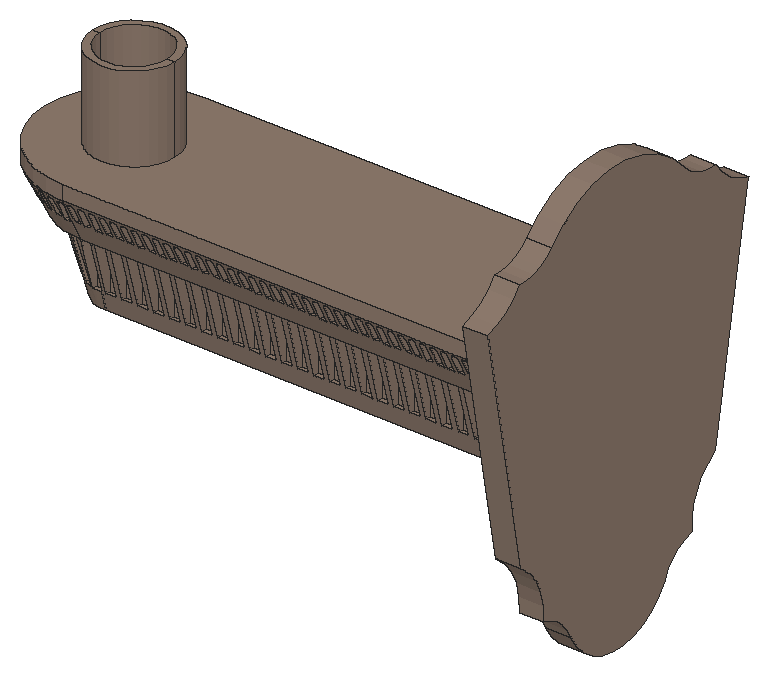
Revit family "WM850", category Generic Models, Revit 2014
Parameters
  WALL MOUNT = Bronze, Architectural
  COUPLING = Bronze, Architectural
  ARM = Bronze, Architectural
Reference planes (in)
  plane 1 "Center (Front/Back)": y = 0
  plane 2: z = 0
  plane 3 "Center (Left/Right)": x = 0
Forms (in)
  Extrusion 1, solid, material "Bronze, Architectural" <- "WALL MOUNT"
    sketch origin (0.125, -19.8601, -1.97851) x (0, 1, 0) y (0, 0, 1)
      loop
        arc (22.77394, 18.54579) -> (19.8601, 19.89097) -> (16.94626, 18.54579) r 3.82848
        arc (16.94626, 18.54579) -> (16.31537, 18.10588) -> (15.5529, 18.00499) r 1.62662
        arc (15.5529, 18.00499) -> (14.94411, 17.35847) -> (14.13123, 17.00093) r 2.22907
        line (14.13123, 17.00093) -> (15.60524, 9.04186)
        arc (15.60524, 9.04186) -> (16.40192, 8.10958) -> (16.62758, 6.9042) r 2.37588
        arc (16.62758, 6.9042) -> (17.34064, 6.54978) -> (17.7998, 5.8992) r 1.62545
        arc (17.7998, 5.8992) -> (19.8601, 4.64097) -> (21.9204, 5.8992) r 2.31594
        arc (21.9204, 5.8992) -> (22.38012, 6.54912) -> (23.09262, 6.9042) r 1.63185
        arc (23.09262, 6.9042) -> (23.31257, 8.09893) -> (24.10575, 9.01906) r 2.32181
        line (24.10575, 9.01906) -> (25.58897, 17.00093)
        arc (25.58897, 17.00093) -> (24.77591, 17.35823) -> (24.1673, 18.00499) r 2.22558
        arc (24.1673, 18.00499) -> (23.40233, 18.09944) -> (22.77394, 18.54579) r 1.57387
    from -0.37447 to 0.5
  Extrusion 2, solid, material "Bronze, Architectural" <- "WALL MOUNT"
    sketch origin (0.125, -19.8601, -1.97851) x (0, 1, 0) y (0, 0, 1)
      loop
        arc (22.58259, 18.38488) -> (19.8601, 19.64093) -> (17.13761, 18.38488) r 3.57852
        arc (17.13761, 18.38488) -> (16.48303, 17.89836) -> (15.68188, 17.74555) r 1.82499
        arc (15.68188, 17.74555) -> (15.12355, 17.18033) -> (14.41827, 16.81456) r 2.54775
        line (14.41827, 16.81456) -> (15.84077, 9.1659)
        arc (15.84077, 9.1659) -> (16.61029, 8.25404) -> (16.88521, 7.09298) r 2.57054
        arc (16.88521, 7.09298) -> (17.57834, 6.67283) -> (18.02925, 5.9993) r 1.87421
        arc (18.02925, 5.9993) -> (19.8601, 4.891) -> (21.69095, 5.9993) r 2.06638
        arc (21.69095, 5.9993) -> (22.14229, 6.67238) -> (22.83499, 7.09298) r 1.88025
        arc (22.83499, 7.09298) -> (23.11015, 8.25393) -> (23.87943, 9.1659) r 2.57273
        line (23.87943, 9.1659) -> (25.30193, 16.81456)
        arc (25.30193, 16.81456) -> (24.5964, 17.18) -> (24.03832, 17.74555) r 2.53969
        arc (24.03832, 17.74555) -> (23.23717, 17.89836) -> (22.58259, 18.38488) r 1.82499
    from -0.5 to -0.37447
  Revolve 3, solid, material "Bronze, Architectural" <- "COUPLING"
    sketch origin (-3.11719, 0, 0.58203) x (1, 0, 0) y (0, 0, 1)
      loop
        line (-14.69445, 15.1) -> (-14.69445, 12.1) -> (-13.25695, 12.1) -> (-13.25695, 15.1) -> (-14.69445, 15.1)
      axis (-13.25695, 15.1) -> (-13.25695, 12.1)
    angle from 0 to 360
  Extrusion 4, solid, material "Bronze, Architectural" <- "COUPLING"
    sketch origin (0, 0, 0) x (1, 0, 0) y (0, 0, 1)
      loop
        line (-0.37447, 10.6625) -> (-0.37447, 12.6825) -> (-16.37447, 12.6825) -> (-16.37447, 10.6625) -> (-0.37447, 10.6625)
    from -3.125 to 3.125
  Extrusion 5, solid, material "Bronze, Architectural" <- "ARM"
    sketch origin (0, 0, 0) x (1, 0, 0) y (0, 0, 1)
      loop
        line (-0.37447, 7.91245) -> (-0.37447, 10.6625) -> (-16.37447, 10.6625) -> (-16.37447, 7.91245) -> (-0.37447, 7.91245)
    from -2 to 2
  Extrusion 6, solid, material "Bronze, Architectural" <- "COUPLING"
    sketch origin (0, 0, 0) x (1, 0, 0) y (0, 1, 0)
      loop
        arc (-16.37447, 3.125) -> (-19.49947, 0) -> (-16.37447, -3.125) r 3.125
        line (-16.37447, -3.125) -> (-16.37447, 3.125)
    from 10.6625 to 12.6825
  Sweep 7, void
    path in 3D
      loop
        arc (-16.37447, 3.125, 10.6625) -> (-19.49947, 0, 10.6625) -> (-16.37447, -3.125, 10.6625) r 3.125
    profile origin (-19.49947, 0, 10.6625) x (-1, 0, 0) y (0, 0, -1)
      loop
        line (0, 0) -> (-0.75, 0) -> (0, -1.5) -> (0, 0)
  Sweep 8, void
    path in 3D
      loop
        line (-0.37447, 3.125, 10.6625) -> (-16.37447, 3.125, 10.6625)
    profile origin (-8.37447, 3.125, 10.6625) x (0, 1, 0) y (0, 0, -1)
      loop
        line (0, -1.5) -> (0, 0) -> (-0.75, 0) -> (0, -1.5)
  Sweep 9, void
    path in 3D
      loop
        line (-16.37447, -3.125, 10.6625) -> (-0.37447, -3.125, 10.6625)
    profile origin (-8.37447, -3.125, 10.6625) x (0, -1, 0) y (0, 0, -1)
      loop
        line (0, 0) -> (-0.75, 0) -> (0, -1.5) -> (0, 0)
  Extrusion 10, solid, material "Bronze, Architectural" <- "ARM"
    sketch origin (0, 0, 0) x (1, 0, 0) y (0, 1, 0)
      loop
        arc (-16.37447, 2) -> (-18.37447, 0) -> (-16.37447, -2) r 2
        line (-16.37447, -2) -> (-16.37447, 2)
    from 7.91245 to 10.6625
  Sweep 11, void
    path in 3D
      loop
        arc (-16.37447, 2, 7.91245) -> (-18.37447, 0, 7.91245) -> (-16.37447, -2, 7.91245) r 2
    profile origin (-18.37447, 0, 7.91245) x (-1, 0, 0) y (0, 0, -1)
      loop
        line (0, 0) -> (-0.75, 0) -> (0, -2.75005) -> (0, 0)
  Sweep 12, void
    path in 3D
      loop
        line (-0.37447, 2, 7.91245) -> (-16.37447, 2, 7.91245)
    profile origin (-8.37447, 2, 7.91245) x (0, 1, 0) y (0, 0, -1)
      loop
        line (0, -2.75005) -> (0, 0) -> (-0.75, 0) -> (0, -2.75005)
  Sweep 13, void
    path in 3D
      loop
        line (-16.37447, -2, 7.91245) -> (-0.37447, -2, 7.91245)
    profile origin (-8.37447, -2, 7.91245) x (0, -1, 0) y (0, 0, -1)
      loop
        line (0, -2.75005) -> (0, 0) -> (-0.75, 0) -> (0, -2.75005)
  Revolve 14, void
    sketch origin (0, 0, 0) x (1, 0, 0) y (0, 0, 1)
      loop
        line (-17.56164, 15.68203) -> (-17.56164, 12.93203) -> (-16.37414, 12.93203) -> (-16.37414, 15.68203) -> (-17.56164, 15.68203)
      axis (-16.37414, 15.68203) -> (-16.37414, 12.93203)
    angle from 0 to 360
  Extrusion 15, void
    sketch origin (0, 0, 0) x (1, 0, 0) y (0, 0, 1)
      loop
        arc (-0.62121, 10.41043) -> (-0.80871, 10.59793) -> (-0.99621, 10.41043) r 0.1875
        line (-0.99621, 10.41043) -> (-0.99621, 8.55217) -> (-0.62121, 8.55217) -> (-0.62121, 10.41043)
      loop
        arc (-1.20394, 10.41043) -> (-1.39144, 10.59793) -> (-1.57894, 10.41043) r 0.1875
        line (-1.57894, 10.41043) -> (-1.57894, 8.55217) -> (-1.20394, 8.55217) -> (-1.20394, 10.41043)
      loop
        arc (-1.76644, 10.41043) -> (-1.95394, 10.59793) -> (-2.14144, 10.41043) r 0.1875
        line (-2.14144, 10.41043) -> (-2.14144, 8.55217) -> (-1.76644, 8.55217) -> (-1.76644, 10.41043)
      loop
        arc (-2.32894, 10.41043) -> (-2.51644, 10.59793) -> (-2.70394, 10.41043) r 0.1875
        line (-2.70394, 10.41043) -> (-2.70394, 8.55217) -> (-2.32894, 8.55217) -> (-2.32894, 10.41043)
      loop
        arc (-2.89144, 10.41043) -> (-3.07894, 10.59793) -> (-3.26644, 10.41043) r 0.1875
        line (-3.26644, 10.41043) -> (-3.26644, 8.55217) -> (-2.89144, 8.55217) -> (-2.89144, 10.41043)
      loop
        arc (-3.45394, 10.41043) -> (-3.64144, 10.59793) -> (-3.82894, 10.41043) r 0.1875
        line (-3.82894, 10.41043) -> (-3.82894, 8.55217) -> (-3.45394, 8.55217) -> (-3.45394, 10.41043)
      loop
        arc (-4.03666, 10.41043) -> (-4.22416, 10.59793) -> (-4.41166, 10.41043) r 0.1875
        line (-4.41166, 10.41043) -> (-4.41166, 8.55217) -> (-4.03666, 8.55217) -> (-4.03666, 10.41043)
      loop
        arc (-4.59916, 10.41043) -> (-4.78666, 10.59793) -> (-4.97416, 10.41043) r 0.1875
        line (-4.97416, 10.41043) -> (-4.97416, 8.55217) -> (-4.59916, 8.55217) -> (-4.59916, 10.41043)
      loop
        arc (-5.16166, 10.41043) -> (-5.34916, 10.59793) -> (-5.53666, 10.41043) r 0.1875
        line (-5.53666, 10.41043) -> (-5.53666, 8.55217) -> (-5.16166, 8.55217) -> (-5.16166, 10.41043)
      loop
        arc (-5.72416, 10.41043) -> (-5.91166, 10.59793) -> (-6.09916, 10.41043) r 0.1875
        line (-6.09916, 10.41043) -> (-6.09916, 8.55217) -> (-5.72416, 8.55217) -> (-5.72416, 10.41043)
      loop
        arc (-6.28666, 10.41043) -> (-6.47416, 10.59793) -> (-6.66166, 10.41043) r 0.1875
        line (-6.66166, 10.41043) -> (-6.66166, 8.55217) -> (-6.28666, 8.55217) -> (-6.28666, 10.41043)
      loop
        arc (-6.84916, 10.41043) -> (-7.03666, 10.59793) -> (-7.22416, 10.41043) r 0.1875
        line (-7.22416, 10.41043) -> (-7.22416, 8.55217) -> (-6.84916, 8.55217) -> (-6.84916, 10.41043)
      loop
        arc (-7.41166, 10.41043) -> (-7.59916, 10.59793) -> (-7.78666, 10.41043) r 0.1875
        line (-7.78666, 10.41043) -> (-7.78666, 8.55217) -> (-7.41166, 8.55217) -> (-7.41166, 10.41043)
      loop
        arc (-7.97416, 10.41043) -> (-8.16166, 10.59793) -> (-8.34916, 10.41043) r 0.1875
        line (-8.34916, 10.41043) -> (-8.34916, 8.55217) -> (-7.97416, 8.55217) -> (-7.97416, 10.41043)
      loop
        arc (-8.53666, 10.41043) -> (-8.72416, 10.59793) -> (-8.91166, 10.41043) r 0.1875
        line (-8.91166, 10.41043) -> (-8.91166, 8.55217) -> (-8.53666, 8.55217) -> (-8.53666, 10.41043)
      loop
        arc (-9.09916, 10.41043) -> (-9.28666, 10.59793) -> (-9.47416, 10.41043) r 0.1875
        line (-9.47416, 10.41043) -> (-9.47416, 8.55217) -> (-9.09916, 8.55217) -> (-9.09916, 10.41043)
      loop
        arc (-9.66166, 10.41043) -> (-9.84916, 10.59793) -> (-10.03666, 10.41043) r 0.1875
        line (-10.03666, 10.41043) -> (-10.03666, 8.55217) -> (-9.66166, 8.55217) -> (-9.66166, 10.41043)
      loop
        arc (-10.22416, 10.41043) -> (-10.41166, 10.59793) -> (-10.59916, 10.41043) r 0.1875
        line (-10.59916, 10.41043) -> (-10.59916, 8.55217) -> (-10.22416, 8.55217) -> (-10.22416, 10.41043)
      loop
        arc (-10.78666, 10.41043) -> (-10.97416, 10.59793) -> (-11.16166, 10.41043) r 0.1875
        line (-11.16166, 10.41043) -> (-11.16166, 8.55217) -> (-10.78666, 8.55217) -> (-10.78666, 10.41043)
      loop
        arc (-11.34916, 10.41043) -> (-11.53666, 10.59793) -> (-11.72416, 10.41043) r 0.1875
        line (-11.72416, 10.41043) -> (-11.72416, 8.55217) -> (-11.34916, 8.55217) -> (-11.34916, 10.41043)
      loop
        arc (-11.91166, 10.41043) -> (-12.09916, 10.59793) -> (-12.28666, 10.41043) r 0.1875
        line (-12.28666, 10.41043) -> (-12.28666, 8.55217) -> (-11.91166, 8.55217) -> (-11.91166, 10.41043)
      loop
        arc (-12.47416, 10.41043) -> (-12.66166, 10.59793) -> (-12.84916, 10.41043) r 0.1875
        line (-12.84916, 10.41043) -> (-12.84916, 8.55217) -> (-12.47416, 8.55217) -> (-12.47416, 10.41043)
      loop
        arc (-13.03666, 10.41043) -> (-13.22416, 10.59793) -> (-13.41166, 10.41043) r 0.1875
        line (-13.41166, 10.41043) -> (-13.41166, 8.55217) -> (-13.03666, 8.55217) -> (-13.03666, 10.41043)
      loop
        arc (-13.59916, 10.41043) -> (-13.78666, 10.59793) -> (-13.97416, 10.41043) r 0.1875
        line (-13.97416, 10.41043) -> (-13.97416, 8.55217) -> (-13.59916, 8.55217) -> (-13.59916, 10.41043)
      loop
        arc (-14.16166, 10.41043) -> (-14.34916, 10.59793) -> (-14.53666, 10.41043) r 0.1875
        line (-14.53666, 10.41043) -> (-14.53666, 8.55217) -> (-14.16166, 8.55217) -> (-14.16166, 10.41043)
      loop
        arc (-14.72416, 10.41043) -> (-14.91166, 10.59793) -> (-15.09916, 10.41043) r 0.1875
        line (-15.09916, 10.41043) -> (-15.09916, 8.55217) -> (-14.72416, 8.55217) -> (-14.72416, 10.41043)
      loop
        arc (-15.28666, 10.41043) -> (-15.47416, 10.59793) -> (-15.66166, 10.41043) r 0.1875
        line (-15.66166, 10.41043) -> (-15.66166, 8.55217) -> (-15.28666, 8.55217) -> (-15.28666, 10.41043)
    from -2.375 to -1.25
  Extrusion 16, void
    sketch origin (0, 0, 0) x (1, 0, 0) y (0, 0, 1)
      loop
        line (-16.22416, 10.41043) -> (-16.22416, 8.55217) -> (-15.84916, 8.55217) -> (-15.84916, 10.41043)
        arc (-15.84916, 10.41043) -> (-16.03666, 10.59793) -> (-16.22416, 10.41043) r 0.1875
    from -2.375 to -1.25
  Extrusion 17, void
    sketch origin (0, 0, 0) x (1, 0, 0) y (0, 0, 1)
      loop
        arc (-0.66166, 11.97293) -> (-0.78666, 12.09793) -> (-0.91166, 11.97293) r 0.125
        line (-0.91166, 11.97293) -> (-0.91166, 11.34793) -> (-0.66166, 11.34793) -> (-0.66166, 11.97293)
      loop
        arc (-1.03666, 11.97293) -> (-1.16166, 12.09793) -> (-1.28666, 11.97293) r 0.125
        line (-1.28666, 11.97293) -> (-1.28666, 11.34793) -> (-1.03666, 11.34793) -> (-1.03666, 11.97293)
      loop
        arc (-1.41166, 11.97293) -> (-1.53666, 12.09793) -> (-1.66166, 11.97293) r 0.125
        line (-1.66166, 11.97293) -> (-1.66166, 11.34793) -> (-1.41166, 11.34793) -> (-1.41166, 11.97293)
      loop
        arc (-1.78666, 11.97293) -> (-1.91166, 12.09793) -> (-2.03666, 11.97293) r 0.125
        line (-2.03666, 11.97293) -> (-2.03666, 11.34793) -> (-1.78666, 11.34793) -> (-1.78666, 11.97293)
      loop
        arc (-2.16166, 11.97293) -> (-2.28666, 12.09793) -> (-2.41166, 11.97293) r 0.125
        line (-2.41166, 11.97293) -> (-2.41166, 11.34793) -> (-2.16166, 11.34793) -> (-2.16166, 11.97293)
      loop
        arc (-2.53666, 11.97293) -> (-2.66166, 12.09793) -> (-2.78666, 11.97293) r 0.125
        line (-2.78666, 11.97293) -> (-2.78666, 11.34793) -> (-2.53666, 11.34793) -> (-2.53666, 11.97293)
      loop
        arc (-2.91166, 11.97293) -> (-3.03666, 12.09793) -> (-3.16166, 11.97293) r 0.125
        line (-3.16166, 11.97293) -> (-3.16166, 11.34793) -> (-2.91166, 11.34793) -> (-2.91166, 11.97293)
      loop
        arc (-3.28666, 11.97293) -> (-3.41166, 12.09793) -> (-3.53666, 11.97293) r 0.125
        line (-3.53666, 11.97293) -> (-3.53666, 11.34793) -> (-3.28666, 11.34793) -> (-3.28666, 11.97293)
      loop
        arc (-3.66166, 11.97293) -> (-3.78666, 12.09793) -> (-3.91166, 11.97293) r 0.125
        line (-3.91166, 11.97293) -> (-3.91166, 11.34793) -> (-3.66166, 11.34793) -> (-3.66166, 11.97293)
      loop
        arc (-4.03666, 11.97293) -> (-4.16166, 12.09793) -> (-4.28666, 11.97293) r 0.125
        line (-4.28666, 11.97293) -> (-4.28666, 11.34793) -> (-4.03666, 11.34793) -> (-4.03666, 11.97293)
      loop
        arc (-4.41166, 11.97293) -> (-4.53666, 12.09793) -> (-4.66166, 11.97293) r 0.125
        line (-4.66166, 11.97293) -> (-4.66166, 11.34793) -> (-4.41166, 11.34793) -> (-4.41166, 11.97293)
      loop
        arc (-4.78666, 11.97293) -> (-4.91166, 12.09793) -> (-5.03666, 11.97293) r 0.125
        line (-5.03666, 11.97293) -> (-5.03666, 11.34793) -> (-4.78666, 11.34793) -> (-4.78666, 11.97293)
      loop
        arc (-5.16166, 11.97293) -> (-5.28666, 12.09793) -> (-5.41166, 11.97293) r 0.125
        line (-5.41166, 11.97293) -> (-5.41166, 11.34793) -> (-5.16166, 11.34793) -> (-5.16166, 11.97293)
      loop
        arc (-5.53666, 11.97293) -> (-5.66166, 12.09793) -> (-5.78666, 11.97293) r 0.125
        line (-5.78666, 11.97293) -> (-5.78666, 11.34793) -> (-5.53666, 11.34793) -> (-5.53666, 11.97293)
      loop
        arc (-5.91166, 11.97293) -> (-6.03666, 12.09793) -> (-6.16166, 11.97293) r 0.125
        line (-6.16166, 11.97293) -> (-6.16166, 11.34793) -> (-5.91166, 11.34793) -> (-5.91166, 11.97293)
      loop
        arc (-6.28666, 11.97293) -> (-6.41166, 12.09793) -> (-6.53666, 11.97293) r 0.125
        line (-6.53666, 11.97293) -> (-6.53666, 11.34793) -> (-6.28666, 11.34793) -> (-6.28666, 11.97293)
      loop
        arc (-6.66166, 11.97293) -> (-6.78666, 12.09793) -> (-6.91166, 11.97293) r 0.125
        line (-6.91166, 11.97293) -> (-6.91166, 11.34793) -> (-6.66166, 11.34793) -> (-6.66166, 11.97293)
      loop
        arc (-7.03666, 11.97293) -> (-7.16166, 12.09793) -> (-7.28666, 11.97293) r 0.125
        line (-7.28666, 11.97293) -> (-7.28666, 11.34793) -> (-7.03666, 11.34793) -> (-7.03666, 11.97293)
      loop
        arc (-7.41166, 11.97293) -> (-7.53666, 12.09793) -> (-7.66166, 11.97293) r 0.125
        line (-7.66166, 11.97293) -> (-7.66166, 11.34793) -> (-7.41166, 11.34793) -> (-7.41166, 11.97293)
      loop
        arc (-7.78666, 11.97293) -> (-7.91166, 12.09793) -> (-8.03666, 11.97293) r 0.125
        line (-8.03666, 11.97293) -> (-8.03666, 11.34793) -> (-7.78666, 11.34793) -> (-7.78666, 11.97293)
      loop
        arc (-8.16166, 11.97293) -> (-8.28666, 12.09793) -> (-8.41166, 11.97293) r 0.125
        line (-8.41166, 11.97293) -> (-8.41166, 11.34793) -> (-8.16166, 11.34793) -> (-8.16166, 11.97293)
      loop
        arc (-8.53666, 11.97293) -> (-8.66166, 12.09793) -> (-8.78666, 11.97293) r 0.125
        line (-8.78666, 11.97293) -> (-8.78666, 11.34793) -> (-8.53666, 11.34793) -> (-8.53666, 11.97293)
      loop
        arc (-8.91166, 11.97293) -> (-9.03666, 12.09793) -> (-9.16166, 11.97293) r 0.125
        line (-9.16166, 11.97293) -> (-9.16166, 11.34793) -> (-8.91166, 11.34793) -> (-8.91166, 11.97293)
      loop
        arc (-9.28666, 11.97293) -> (-9.41166, 12.09793) -> (-9.53666, 11.97293) r 0.125
        line (-9.53666, 11.97293) -> (-9.53666, 11.34793) -> (-9.28666, 11.34793) -> (-9.28666, 11.97293)
      loop
        arc (-9.66166, 11.97293) -> (-9.78666, 12.09793) -> (-9.91166, 11.97293) r 0.125
        line (-9.91166, 11.97293) -> (-9.91166, 11.34793) -> (-9.66166, 11.34793) -> (-9.66166, 11.97293)
      loop
        arc (-10.03666, 11.97293) -> (-10.16166, 12.09793) -> (-10.28666, 11.97293) r 0.125
        line (-10.28666, 11.97293) -> (-10.28666, 11.34793) -> (-10.03666, 11.34793) -> (-10.03666, 11.97293)
      loop
        arc (-10.41166, 11.97293) -> (-10.53666, 12.09793) -> (-10.66166, 11.97293) r 0.125
        line (-10.66166, 11.97293) -> (-10.66166, 11.34793) -> (-10.41166, 11.34793) -> (-10.41166, 11.97293)
      loop
        arc (-10.78666, 11.97293) -> (-10.91166, 12.09793) -> (-11.03666, 11.97293) r 0.125
        line (-11.03666, 11.97293) -> (-11.03666, 11.34793) -> (-10.78666, 11.34793) -> (-10.78666, 11.97293)
      loop
        arc (-11.16166, 11.97293) -> (-11.28666, 12.09793) -> (-11.41166, 11.97293) r 0.125
        line (-11.41166, 11.97293) -> (-11.41166, 11.34793) -> (-11.16166, 11.34793) -> (-11.16166, 11.97293)
      loop
        arc (-11.53666, 11.97293) -> (-11.66166, 12.09793) -> (-11.78666, 11.97293) r 0.125
        line (-11.78666, 11.97293) -> (-11.78666, 11.34793) -> (-11.53666, 11.34793) -> (-11.53666, 11.97293)
      loop
        arc (-11.91166, 11.97293) -> (-12.03666, 12.09793) -> (-12.16166, 11.97293) r 0.125
        line (-12.16166, 11.97293) -> (-12.16166, 11.34793) -> (-11.91166, 11.34793) -> (-11.91166, 11.97293)
      loop
        arc (-12.28666, 11.97293) -> (-12.41166, 12.09793) -> (-12.53666, 11.97293) r 0.125
        line (-12.53666, 11.97293) -> (-12.53666, 11.34793) -> (-12.28666, 11.34793) -> (-12.28666, 11.97293)
      loop
        arc (-12.66166, 11.97293) -> (-12.78666, 12.09793) -> (-12.91166, 11.97293) r 0.125
        line (-12.91166, 11.97293) -> (-12.91166, 11.34793) -> (-12.66166, 11.34793) -> (-12.66166, 11.97293)
      loop
        arc (-13.03666, 11.97293) -> (-13.16166, 12.09793) -> (-13.28666, 11.97293) r 0.125
        line (-13.28666, 11.97293) -> (-13.28666, 11.34793) -> (-13.03666, 11.34793) -> (-13.03666, 11.97293)
    from -3.125 to -2.60052
  Extrusion 18, void
    sketch origin (0, 0, 0) x (1, 0, 0) y (0, 0, 1)
      loop
        arc (-13.41166, 11.97293) -> (-13.53666, 12.09793) -> (-13.66166, 11.97293) r 0.125
        line (-13.66166, 11.97293) -> (-13.66166, 11.34793) -> (-13.41166, 11.34793) -> (-13.41166, 11.97293)
      loop
        arc (-13.78666, 11.97293) -> (-13.91166, 12.09793) -> (-14.03666, 11.97293) r 0.125
        line (-14.03666, 11.97293) -> (-14.03666, 11.34793) -> (-13.78666, 11.34793) -> (-13.78666, 11.97293)
      loop
        arc (-14.16166, 11.97293) -> (-14.28666, 12.09793) -> (-14.41166, 11.97293) r 0.125
        line (-14.41166, 11.97293) -> (-14.41166, 11.34793) -> (-14.16166, 11.34793) -> (-14.16166, 11.97293)
      loop
        arc (-14.53666, 11.97293) -> (-14.66166, 12.09793) -> (-14.78666, 11.97293) r 0.125
        line (-14.78666, 11.97293) -> (-14.78666, 11.34793) -> (-14.53666, 11.34793) -> (-14.53666, 11.97293)
      loop
        arc (-14.91166, 11.97293) -> (-15.03666, 12.09793) -> (-15.16166, 11.97293) r 0.125
        line (-15.16166, 11.97293) -> (-15.16166, 11.34793) -> (-14.91166, 11.34793) -> (-14.91166, 11.97293)
      loop
        arc (-15.28666, 11.97293) -> (-15.41166, 12.09793) -> (-15.53666, 11.97293) r 0.125
        line (-15.53666, 11.97293) -> (-15.53666, 11.34793) -> (-15.28666, 11.34793) -> (-15.28666, 11.97293)
      loop
        arc (-15.66166, 11.97293) -> (-15.78666, 12.09793) -> (-15.91166, 11.97293) r 0.125
        line (-15.91166, 11.97293) -> (-15.91166, 11.34793) -> (-15.66166, 11.34793) -> (-15.66166, 11.97293)
    from -3.125 to -2.60052
  Extrusion 19, void
    sketch origin (0, 0, 0) x (1, 0, 0) y (0, 0, 1)
      loop
        line (-16.28666, 11.97293) -> (-16.28666, 11.34793) -> (-16.03666, 11.34793) -> (-16.03666, 11.97293)
        arc (-16.03666, 11.97293) -> (-16.16166, 12.09793) -> (-16.28666, 11.97293) r 0.125
    from -3.125 to -2.60052
  Extrusion 20, void
    sketch origin (-0.00379, 0, 0) x (1, 0, 0) y (0, 0, 1)
      loop
        arc (-0.62121, 10.41043) -> (-0.80871, 10.59793) -> (-0.99621, 10.41043) r 0.1875
        line (-0.99621, 10.41043) -> (-0.99621, 8.55217) -> (-0.62121, 8.55217) -> (-0.62121, 10.41043)
      loop
        arc (-1.20394, 10.41043) -> (-1.39144, 10.59793) -> (-1.57894, 10.41043) r 0.1875
        line (-1.57894, 10.41043) -> (-1.57894, 8.55217) -> (-1.20394, 8.55217) -> (-1.20394, 10.41043)
      loop
        arc (-1.76644, 10.41043) -> (-1.95394, 10.59793) -> (-2.14144, 10.41043) r 0.1875
        line (-2.14144, 10.41043) -> (-2.14144, 8.55217) -> (-1.76644, 8.55217) -> (-1.76644, 10.41043)
      loop
        arc (-2.32894, 10.41043) -> (-2.51644, 10.59793) -> (-2.70394, 10.41043) r 0.1875
        line (-2.70394, 10.41043) -> (-2.70394, 8.55217) -> (-2.32894, 8.55217) -> (-2.32894, 10.41043)
      loop
        arc (-2.89144, 10.41043) -> (-3.07894, 10.59793) -> (-3.26644, 10.41043) r 0.1875
        line (-3.26644, 10.41043) -> (-3.26644, 8.55217) -> (-2.89144, 8.55217) -> (-2.89144, 10.41043)
      loop
        arc (-3.45394, 10.41043) -> (-3.64144, 10.59793) -> (-3.82894, 10.41043) r 0.1875
        line (-3.82894, 10.41043) -> (-3.82894, 8.55217) -> (-3.45394, 8.55217) -> (-3.45394, 10.41043)
      loop
        arc (-4.03666, 10.41043) -> (-4.22416, 10.59793) -> (-4.41166, 10.41043) r 0.1875
        line (-4.41166, 10.41043) -> (-4.41166, 8.55217) -> (-4.03666, 8.55217) -> (-4.03666, 10.41043)
      loop
        arc (-4.59916, 10.41043) -> (-4.78666, 10.59793) -> (-4.97416, 10.41043) r 0.1875
        line (-4.97416, 10.41043) -> (-4.97416, 8.55217) -> (-4.59916, 8.55217) -> (-4.59916, 10.41043)
      loop
        arc (-5.16166, 10.41043) -> (-5.34916, 10.59793) -> (-5.53666, 10.41043) r 0.1875
        line (-5.53666, 10.41043) -> (-5.53666, 8.55217) -> (-5.16166, 8.55217) -> (-5.16166, 10.41043)
      loop
        arc (-5.72416, 10.41043) -> (-5.91166, 10.59793) -> (-6.09916, 10.41043) r 0.1875
        line (-6.09916, 10.41043) -> (-6.09916, 8.55217) -> (-5.72416, 8.55217) -> (-5.72416, 10.41043)
      loop
        arc (-6.28666, 10.41043) -> (-6.47416, 10.59793) -> (-6.66166, 10.41043) r 0.1875
        line (-6.66166, 10.41043) -> (-6.66166, 8.55217) -> (-6.28666, 8.55217) -> (-6.28666, 10.41043)
      loop
        arc (-6.84916, 10.41043) -> (-7.03666, 10.59793) -> (-7.22416, 10.41043) r 0.1875
        line (-7.22416, 10.41043) -> (-7.22416, 8.55217) -> (-6.84916, 8.55217) -> (-6.84916, 10.41043)
      loop
        arc (-7.41166, 10.41043) -> (-7.59916, 10.59793) -> (-7.78666, 10.41043) r 0.1875
        line (-7.78666, 10.41043) -> (-7.78666, 8.55217) -> (-7.41166, 8.55217) -> (-7.41166, 10.41043)
      loop
        arc (-7.97416, 10.41043) -> (-8.16166, 10.59793) -> (-8.34916, 10.41043) r 0.1875
        line (-8.34916, 10.41043) -> (-8.34916, 8.55217) -> (-7.97416, 8.55217) -> (-7.97416, 10.41043)
      loop
        arc (-8.53666, 10.41043) -> (-8.72416, 10.59793) -> (-8.91166, 10.41043) r 0.1875
        line (-8.91166, 10.41043) -> (-8.91166, 8.55217) -> (-8.53666, 8.55217) -> (-8.53666, 10.41043)
      loop
        arc (-9.09916, 10.41043) -> (-9.28666, 10.59793) -> (-9.47416, 10.41043) r 0.1875
        line (-9.47416, 10.41043) -> (-9.47416, 8.55217) -> (-9.09916, 8.55217) -> (-9.09916, 10.41043)
      loop
        arc (-9.66166, 10.41043) -> (-9.84916, 10.59793) -> (-10.03666, 10.41043) r 0.1875
        line (-10.03666, 10.41043) -> (-10.03666, 8.55217) -> (-9.66166, 8.55217) -> (-9.66166, 10.41043)
      loop
        arc (-10.22416, 10.41043) -> (-10.41166, 10.59793) -> (-10.59916, 10.41043) r 0.1875
        line (-10.59916, 10.41043) -> (-10.59916, 8.55217) -> (-10.22416, 8.55217) -> (-10.22416, 10.41043)
      loop
        arc (-10.78666, 10.41043) -> (-10.97416, 10.59793) -> (-11.16166, 10.41043) r 0.1875
        line (-11.16166, 10.41043) -> (-11.16166, 8.55217) -> (-10.78666, 8.55217) -> (-10.78666, 10.41043)
      loop
        arc (-11.34916, 10.41043) -> (-11.53666, 10.59793) -> (-11.72416, 10.41043) r 0.1875
        line (-11.72416, 10.41043) -> (-11.72416, 8.55217) -> (-11.34916, 8.55217) -> (-11.34916, 10.41043)
      loop
        arc (-11.91166, 10.41043) -> (-12.09916, 10.59793) -> (-12.28666, 10.41043) r 0.1875
        line (-12.28666, 10.41043) -> (-12.28666, 8.55217) -> (-11.91166, 8.55217) -> (-11.91166, 10.41043)
      loop
        arc (-12.47416, 10.41043) -> (-12.66166, 10.59793) -> (-12.84916, 10.41043) r 0.1875
        line (-12.84916, 10.41043) -> (-12.84916, 8.55217) -> (-12.47416, 8.55217) -> (-12.47416, 10.41043)
      loop
        arc (-13.03666, 10.41043) -> (-13.22416, 10.59793) -> (-13.41166, 10.41043) r 0.1875
        line (-13.41166, 10.41043) -> (-13.41166, 8.55217) -> (-13.03666, 8.55217) -> (-13.03666, 10.41043)
      loop
        arc (-13.59916, 10.41043) -> (-13.78666, 10.59793) -> (-13.97416, 10.41043) r 0.1875
        line (-13.97416, 10.41043) -> (-13.97416, 8.55217) -> (-13.59916, 8.55217) -> (-13.59916, 10.41043)
      loop
        arc (-14.16166, 10.41043) -> (-14.34916, 10.59793) -> (-14.53666, 10.41043) r 0.1875
        line (-14.53666, 10.41043) -> (-14.53666, 8.55217) -> (-14.16166, 8.55217) -> (-14.16166, 10.41043)
      loop
        arc (-14.72416, 10.41043) -> (-14.91166, 10.59793) -> (-15.09916, 10.41043) r 0.1875
        line (-15.09916, 10.41043) -> (-15.09916, 8.55217) -> (-14.72416, 8.55217) -> (-14.72416, 10.41043)
      loop
        arc (-15.28666, 10.41043) -> (-15.47416, 10.59793) -> (-15.66166, 10.41043) r 0.1875
        line (-15.66166, 10.41043) -> (-15.66166, 8.55217) -> (-15.28666, 8.55217) -> (-15.28666, 10.41043)
    from 1.25 to 2.375
  Extrusion 21, void
    sketch origin (-0.00134, 0, 0) x (1, 0, 0) y (0, 0, 1)
      loop
        line (-16.22416, 10.41043) -> (-16.22416, 8.55217) -> (-15.84916, 8.55217) -> (-15.84916, 10.41043)
        arc (-15.84916, 10.41043) -> (-16.03666, 10.59793) -> (-16.22416, 10.41043) r 0.1875
    from 1.25 to 2.375
  Extrusion 22, void
    sketch origin (-0.00043, 0, 0) x (1, 0, 0) y (0, 0, 1)
      loop
        arc (-0.66166, 11.97293) -> (-0.78666, 12.09793) -> (-0.91166, 11.97293) r 0.125
        line (-0.91166, 11.97293) -> (-0.91166, 11.34793) -> (-0.66166, 11.34793) -> (-0.66166, 11.97293)
      loop
        arc (-1.03666, 11.97293) -> (-1.16166, 12.09793) -> (-1.28666, 11.97293) r 0.125
        line (-1.28666, 11.97293) -> (-1.28666, 11.34793) -> (-1.03666, 11.34793) -> (-1.03666, 11.97293)
      loop
        arc (-1.41166, 11.97293) -> (-1.53666, 12.09793) -> (-1.66166, 11.97293) r 0.125
        line (-1.66166, 11.97293) -> (-1.66166, 11.34793) -> (-1.41166, 11.34793) -> (-1.41166, 11.97293)
      loop
        arc (-1.78666, 11.97293) -> (-1.91166, 12.09793) -> (-2.03666, 11.97293) r 0.125
        line (-2.03666, 11.97293) -> (-2.03666, 11.34793) -> (-1.78666, 11.34793) -> (-1.78666, 11.97293)
      loop
        arc (-2.16166, 11.97293) -> (-2.28666, 12.09793) -> (-2.41166, 11.97293) r 0.125
        line (-2.41166, 11.97293) -> (-2.41166, 11.34793) -> (-2.16166, 11.34793) -> (-2.16166, 11.97293)
      loop
        arc (-2.53666, 11.97293) -> (-2.66166, 12.09793) -> (-2.78666, 11.97293) r 0.125
        line (-2.78666, 11.97293) -> (-2.78666, 11.34793) -> (-2.53666, 11.34793) -> (-2.53666, 11.97293)
      loop
        arc (-2.91166, 11.97293) -> (-3.03666, 12.09793) -> (-3.16166, 11.97293) r 0.125
        line (-3.16166, 11.97293) -> (-3.16166, 11.34793) -> (-2.91166, 11.34793) -> (-2.91166, 11.97293)
      loop
        arc (-3.28666, 11.97293) -> (-3.41166, 12.09793) -> (-3.53666, 11.97293) r 0.125
        line (-3.53666, 11.97293) -> (-3.53666, 11.34793) -> (-3.28666, 11.34793) -> (-3.28666, 11.97293)
      loop
        arc (-3.66166, 11.97293) -> (-3.78666, 12.09793) -> (-3.91166, 11.97293) r 0.125
        line (-3.91166, 11.97293) -> (-3.91166, 11.34793) -> (-3.66166, 11.34793) -> (-3.66166, 11.97293)
      loop
        arc (-4.03666, 11.97293) -> (-4.16166, 12.09793) -> (-4.28666, 11.97293) r 0.125
        line (-4.28666, 11.97293) -> (-4.28666, 11.34793) -> (-4.03666, 11.34793) -> (-4.03666, 11.97293)
      loop
        arc (-4.41166, 11.97293) -> (-4.53666, 12.09793) -> (-4.66166, 11.97293) r 0.125
        line (-4.66166, 11.97293) -> (-4.66166, 11.34793) -> (-4.41166, 11.34793) -> (-4.41166, 11.97293)
      loop
        arc (-4.78666, 11.97293) -> (-4.91166, 12.09793) -> (-5.03666, 11.97293) r 0.125
        line (-5.03666, 11.97293) -> (-5.03666, 11.34793) -> (-4.78666, 11.34793) -> (-4.78666, 11.97293)
      loop
        arc (-5.16166, 11.97293) -> (-5.28666, 12.09793) -> (-5.41166, 11.97293) r 0.125
        line (-5.41166, 11.97293) -> (-5.41166, 11.34793) -> (-5.16166, 11.34793) -> (-5.16166, 11.97293)
      loop
        arc (-5.53666, 11.97293) -> (-5.66166, 12.09793) -> (-5.78666, 11.97293) r 0.125
        line (-5.78666, 11.97293) -> (-5.78666, 11.34793) -> (-5.53666, 11.34793) -> (-5.53666, 11.97293)
      loop
        arc (-5.91166, 11.97293) -> (-6.03666, 12.09793) -> (-6.16166, 11.97293) r 0.125
        line (-6.16166, 11.97293) -> (-6.16166, 11.34793) -> (-5.91166, 11.34793) -> (-5.91166, 11.97293)
      loop
        arc (-6.28666, 11.97293) -> (-6.41166, 12.09793) -> (-6.53666, 11.97293) r 0.125
        line (-6.53666, 11.97293) -> (-6.53666, 11.34793) -> (-6.28666, 11.34793) -> (-6.28666, 11.97293)
      loop
        arc (-6.66166, 11.97293) -> (-6.78666, 12.09793) -> (-6.91166, 11.97293) r 0.125
        line (-6.91166, 11.97293) -> (-6.91166, 11.34793) -> (-6.66166, 11.34793) -> (-6.66166, 11.97293)
      loop
        arc (-7.03666, 11.97293) -> (-7.16166, 12.09793) -> (-7.28666, 11.97293) r 0.125
        line (-7.28666, 11.97293) -> (-7.28666, 11.34793) -> (-7.03666, 11.34793) -> (-7.03666, 11.97293)
      loop
        arc (-7.41166, 11.97293) -> (-7.53666, 12.09793) -> (-7.66166, 11.97293) r 0.125
        line (-7.66166, 11.97293) -> (-7.66166, 11.34793) -> (-7.41166, 11.34793) -> (-7.41166, 11.97293)
      loop
        arc (-7.78666, 11.97293) -> (-7.91166, 12.09793) -> (-8.03666, 11.97293) r 0.125
        line (-8.03666, 11.97293) -> (-8.03666, 11.34793) -> (-7.78666, 11.34793) -> (-7.78666, 11.97293)
      loop
        arc (-8.16166, 11.97293) -> (-8.28666, 12.09793) -> (-8.41166, 11.97293) r 0.125
        line (-8.41166, 11.97293) -> (-8.41166, 11.34793) -> (-8.16166, 11.34793) -> (-8.16166, 11.97293)
      loop
        arc (-8.53666, 11.97293) -> (-8.66166, 12.09793) -> (-8.78666, 11.97293) r 0.125
        line (-8.78666, 11.97293) -> (-8.78666, 11.34793) -> (-8.53666, 11.34793) -> (-8.53666, 11.97293)
      loop
        arc (-8.91166, 11.97293) -> (-9.03666, 12.09793) -> (-9.16166, 11.97293) r 0.125
        line (-9.16166, 11.97293) -> (-9.16166, 11.34793) -> (-8.91166, 11.34793) -> (-8.91166, 11.97293)
      loop
        arc (-9.28666, 11.97293) -> (-9.41166, 12.09793) -> (-9.53666, 11.97293) r 0.125
        line (-9.53666, 11.97293) -> (-9.53666, 11.34793) -> (-9.28666, 11.34793) -> (-9.28666, 11.97293)
      loop
        arc (-9.66166, 11.97293) -> (-9.78666, 12.09793) -> (-9.91166, 11.97293) r 0.125
        line (-9.91166, 11.97293) -> (-9.91166, 11.34793) -> (-9.66166, 11.34793) -> (-9.66166, 11.97293)
      loop
        arc (-10.03666, 11.97293) -> (-10.16166, 12.09793) -> (-10.28666, 11.97293) r 0.125
        line (-10.28666, 11.97293) -> (-10.28666, 11.34793) -> (-10.03666, 11.34793) -> (-10.03666, 11.97293)
      loop
        arc (-10.41166, 11.97293) -> (-10.53666, 12.09793) -> (-10.66166, 11.97293) r 0.125
        line (-10.66166, 11.97293) -> (-10.66166, 11.34793) -> (-10.41166, 11.34793) -> (-10.41166, 11.97293)
      loop
        arc (-10.78666, 11.97293) -> (-10.91166, 12.09793) -> (-11.03666, 11.97293) r 0.125
        line (-11.03666, 11.97293) -> (-11.03666, 11.34793) -> (-10.78666, 11.34793) -> (-10.78666, 11.97293)
      loop
        arc (-11.16166, 11.97293) -> (-11.28666, 12.09793) -> (-11.41166, 11.97293) r 0.125
        line (-11.41166, 11.97293) -> (-11.41166, 11.34793) -> (-11.16166, 11.34793) -> (-11.16166, 11.97293)
      loop
        arc (-11.53666, 11.97293) -> (-11.66166, 12.09793) -> (-11.78666, 11.97293) r 0.125
        line (-11.78666, 11.97293) -> (-11.78666, 11.34793) -> (-11.53666, 11.34793) -> (-11.53666, 11.97293)
      loop
        arc (-11.91166, 11.97293) -> (-12.03666, 12.09793) -> (-12.16166, 11.97293) r 0.125
        line (-12.16166, 11.97293) -> (-12.16166, 11.34793) -> (-11.91166, 11.34793) -> (-11.91166, 11.97293)
      loop
        arc (-12.28666, 11.97293) -> (-12.41166, 12.09793) -> (-12.53666, 11.97293) r 0.125
        line (-12.53666, 11.97293) -> (-12.53666, 11.34793) -> (-12.28666, 11.34793) -> (-12.28666, 11.97293)
      loop
        arc (-12.66166, 11.97293) -> (-12.78666, 12.09793) -> (-12.91166, 11.97293) r 0.125
        line (-12.91166, 11.97293) -> (-12.91166, 11.34793) -> (-12.66166, 11.34793) -> (-12.66166, 11.97293)
      loop
        arc (-13.03666, 11.97293) -> (-13.16166, 12.09793) -> (-13.28666, 11.97293) r 0.125
        line (-13.28666, 11.97293) -> (-13.28666, 11.34793) -> (-13.03666, 11.34793) -> (-13.03666, 11.97293)
    from 2.58275 to 3.125
  Extrusion 23, void
    sketch origin (-0.00043, 0, 0) x (1, 0, 0) y (0, 0, 1)
      loop
        arc (-13.41166, 11.97293) -> (-13.53666, 12.09793) -> (-13.66166, 11.97293) r 0.125
        line (-13.66166, 11.97293) -> (-13.66166, 11.34793) -> (-13.41166, 11.34793) -> (-13.41166, 11.97293)
      loop
        arc (-13.78666, 11.97293) -> (-13.91166, 12.09793) -> (-14.03666, 11.97293) r 0.125
        line (-14.03666, 11.97293) -> (-14.03666, 11.34793) -> (-13.78666, 11.34793) -> (-13.78666, 11.97293)
      loop
        arc (-14.16166, 11.97293) -> (-14.28666, 12.09793) -> (-14.41166, 11.97293) r 0.125
        line (-14.41166, 11.97293) -> (-14.41166, 11.34793) -> (-14.16166, 11.34793) -> (-14.16166, 11.97293)
      loop
        arc (-14.53666, 11.97293) -> (-14.66166, 12.09793) -> (-14.78666, 11.97293) r 0.125
        line (-14.78666, 11.97293) -> (-14.78666, 11.34793) -> (-14.53666, 11.34793) -> (-14.53666, 11.97293)
      loop
        arc (-14.91166, 11.97293) -> (-15.03666, 12.09793) -> (-15.16166, 11.97293) r 0.125
        line (-15.16166, 11.97293) -> (-15.16166, 11.34793) -> (-14.91166, 11.34793) -> (-14.91166, 11.97293)
      loop
        arc (-15.28666, 11.97293) -> (-15.41166, 12.09793) -> (-15.53666, 11.97293) r 0.125
        line (-15.53666, 11.97293) -> (-15.53666, 11.34793) -> (-15.28666, 11.34793) -> (-15.28666, 11.97293)
      loop
        arc (-15.66166, 11.97293) -> (-15.78666, 12.09793) -> (-15.91166, 11.97293) r 0.125
        line (-15.91166, 11.97293) -> (-15.91166, 11.34793) -> (-15.66166, 11.34793) -> (-15.66166, 11.97293)
    from 2.58275 to 3.125
  Extrusion 24, void
    sketch origin (-0.00043, 0, 0) x (1, 0, 0) y (0, 0, 1)
      loop
        line (-16.28666, 11.97293) -> (-16.28666, 11.34793) -> (-16.03666, 11.34793) -> (-16.03666, 11.97293)
        arc (-16.03666, 11.97293) -> (-16.16166, 12.09793) -> (-16.28666, 11.97293) r 0.125
    from 2.58275 to 3.125
  Extrusion 25, void
    sketch origin (-16.37255, 16.0417, 0) x (0, 1, 0) y (0, 0, 1)
      loop
        line (-16.23702, 10.41043) -> (-16.23702, 8.55217) -> (-15.84916, 8.55217) -> (-15.84916, 10.41043)
        arc (-15.84916, 10.41043) -> (-16.04309, 10.60436) -> (-16.23702, 10.41043) r 0.19393
    from -2.375 to -1.25
  Extrusion 26, void
    sketch origin (-16.37438, 16.16188, 0) x (0, 1, 0) y (0, 0, 1)
      loop
        line (-16.28666, 11.97293) -> (-16.28666, 11.34793) -> (-16.03666, 11.34793) -> (-16.03666, 11.97293)
        arc (-16.03666, 11.97293) -> (-16.16166, 12.09793) -> (-16.28666, 11.97293) r 0.125
    from -3.125 to -2.54642
  Extrusion 27, void
    sketch origin (-14.12511, 16.00458, 0) x (0.139173, 0.990268, 0) y (0, 0, 1)
      loop
        line (-16.28666, 11.97293) -> (-16.28666, 11.34793) -> (-16.03666, 11.34793) -> (-16.03666, 11.97293)
        arc (-16.03666, 11.97293) -> (-16.16166, 12.09793) -> (-16.28666, 11.97293) r 0.125
    from -3.125 to -2.54739
  Extrusion 28, void
    sketch origin (-11.91962, 15.53578, 0) x (0.275637, 0.961262, 0) y (0, 0, 1)
      loop
        line (-16.28666, 11.97293) -> (-16.28666, 11.34793) -> (-16.03666, 11.34793) -> (-16.03666, 11.97293)
        arc (-16.03666, 11.97293) -> (-16.16166, 12.09793) -> (-16.28666, 11.97293) r 0.125
    from -3.125 to -2.55376
  Extrusion 29, void
    sketch origin (-9.80084, 14.76459, 0) x (0.406737, 0.913545, 0) y (0, 0, 1)
      loop
        line (-16.28666, 11.97293) -> (-16.28666, 11.34793) -> (-16.03666, 11.34793) -> (-16.03666, 11.97293)
        arc (-16.03666, 11.97293) -> (-16.16166, 12.09793) -> (-16.28666, 11.97293) r 0.125
    from -3.125 to -2.5529
  Extrusion 30, void
    sketch origin (-7.81001, 13.70603, 0) x (0.529919, 0.848048, 0) y (0, 0, 1)
      loop
        line (-16.28666, 11.97293) -> (-16.28666, 11.34793) -> (-16.03666, 11.34793) -> (-16.03666, 11.97293)
        arc (-16.03666, 11.97293) -> (-16.16166, 12.09793) -> (-16.28666, 11.97293) r 0.125
    from -3.125 to -2.56455
  Extrusion 31, void
    sketch origin (-5.98588, 12.38071, 0) x (0.642788, 0.766044, 0) y (0, 0, 1)
      loop
        line (-16.28666, 11.97293) -> (-16.28666, 11.34793) -> (-16.03666, 11.34793) -> (-16.03666, 11.97293)
        arc (-16.03666, 11.97293) -> (-16.16166, 12.09793) -> (-16.28666, 11.97293) r 0.125
    from -3.125 to -2.57514
  Extrusion 32, void
    sketch origin (-4.36395, 10.81441, 0) x (0.743145, 0.669131, 0) y (0, 0, 1)
      loop
        line (-16.28666, 11.97293) -> (-16.28666, 11.34793) -> (-16.03666, 11.34793) -> (-16.03666, 11.97293)
        arc (-16.03666, 11.97293) -> (-16.16166, 12.09793) -> (-16.28666, 11.97293) r 0.125
    from -3.125 to -2.55832
  Extrusion 33, void
    sketch origin (-2.97579, 9.03763, 0) x (0.829038, 0.559193, 0) y (0, 0, 1)
      loop
        line (-16.28666, 11.97293) -> (-16.28666, 11.34793) -> (-16.03666, 11.34793) -> (-16.03666, 11.97293)
        arc (-16.03666, 11.97293) -> (-16.16166, 12.09793) -> (-16.28666, 11.97293) r 0.125
    from -3.125 to -2.56317
  Extrusion 34, void
    sketch origin (-1.84842, 7.08494, 0) x (0.898794, 0.438371, 0) y (0, 0, 1)
      loop
        line (-16.28666, 11.97293) -> (-16.28666, 11.34793) -> (-16.03666, 11.34793) -> (-16.03666, 11.97293)
        arc (-16.03666, 11.97293) -> (-16.16166, 12.09793) -> (-16.28666, 11.97293) r 0.125
    from -3.125 to -2.57258
  Extrusion 35, void
    sketch origin (-1.00378, 4.99436, 0) x (0.951057, 0.309017, 0) y (0, 0, 1)
      loop
        line (-16.28666, 11.97293) -> (-16.28666, 11.34793) -> (-16.03666, 11.34793) -> (-16.03666, 11.97293)
        arc (-16.03666, 11.97293) -> (-16.16166, 12.09793) -> (-16.28666, 11.97293) r 0.125
    from -3.125 to -2.58122
  Extrusion 36, void
    sketch origin (-0.45832, 2.80657, 0) x (0.984808, 0.173648, 0) y (0, 0, 1)
      loop
        line (-16.28666, 11.97293) -> (-16.28666, 11.34793) -> (-16.03666, 11.34793) -> (-16.03666, 11.97293)
        arc (-16.03666, 11.97293) -> (-16.16166, 12.09793) -> (-16.28666, 11.97293) r 0.125
    from -3.125 to -2.59036
  Extrusion 37, void
    sketch origin (-18.62365, 16.00461, 0) x (-0.139173, 0.990268, 0) y (0, 0, 1)
      loop
        line (-16.28666, 11.97293) -> (-16.28666, 11.34793) -> (-16.03666, 11.34793) -> (-16.03666, 11.97293)
        arc (-16.03666, 11.97293) -> (-16.16166, 12.09793) -> (-16.28666, 11.97293) r 0.125
    from -3.125 to -2.54265
  Extrusion 38, void
    sketch origin (-20.82914, 15.53583, 0) x (-0.275637, 0.961262, 0) y (0, 0, 1)
      loop
        line (-16.28666, 11.97293) -> (-16.28666, 11.34793) -> (-16.03666, 11.34793) -> (-16.03666, 11.97293)
        arc (-16.03666, 11.97293) -> (-16.16166, 12.09793) -> (-16.28666, 11.97293) r 0.125
    from -3.125 to -2.54011
  Extrusion 39, void
    sketch origin (-22.94793, 14.76466, 0) x (-0.406737, 0.913545, 0) y (0, 0, 1)
      loop
        line (-16.28666, 11.97293) -> (-16.28666, 11.34793) -> (-16.03666, 11.34793) -> (-16.03666, 11.97293)
        arc (-16.03666, 11.97293) -> (-16.16166, 12.09793) -> (-16.28666, 11.97293) r 0.125
    from -3.125 to -2.55209
  Extrusion 40, void
    sketch origin (-24.93877, 13.70613, 0) x (-0.529919, 0.848048, 0) y (0, 0, 1)
      loop
        line (-16.28666, 11.97293) -> (-16.28666, 11.34793) -> (-16.03666, 11.34793) -> (-16.03666, 11.97293)
        arc (-16.03666, 11.97293) -> (-16.16166, 12.09793) -> (-16.28666, 11.97293) r 0.125
    from -3.125 to -2.54642
  Extrusion 41, void
    sketch origin (-26.76292, 12.38082, 0) x (-0.642788, 0.766044, 0) y (0, 0, 1)
      loop
        line (-16.28666, 11.97293) -> (-16.28666, 11.34793) -> (-16.03666, 11.34793) -> (-16.03666, 11.97293)
        arc (-16.03666, 11.97293) -> (-16.16166, 12.09793) -> (-16.28666, 11.97293) r 0.125
    from -3.125 to -2.54642
  Extrusion 42, void
    sketch origin (-28.38486, 10.81454, 0) x (-0.743145, 0.669131, 0) y (0, 0, 1)
      loop
        line (-16.28666, 11.97293) -> (-16.28666, 11.34793) -> (-16.03666, 11.34793) -> (-16.03666, 11.97293)
        arc (-16.03666, 11.97293) -> (-16.16166, 12.09793) -> (-16.28666, 11.97293) r 0.125
    from -3.125 to -2.54642
  Extrusion 43, void
    sketch origin (-0.23403, 0.82835, 0) x (0.998686, 0.051246, 0) y (0, 0, 1)
      loop
        line (-16.28666, 11.97293) -> (-16.28666, 11.34793) -> (-16.03666, 11.34793) -> (-16.03666, 11.97293)
        arc (-16.03666, 11.97293) -> (-16.16166, 12.09793) -> (-16.28666, 11.97293) r 0.125
    from -3.125 to -2.58688
  Extrusion 44, void
    sketch origin (-29.77304, 9.03778, 0) x (-0.829038, 0.559193, 0) y (0, 0, 1)
      loop
        line (-16.28666, 11.97293) -> (-16.28666, 11.34793) -> (-16.03666, 11.34793) -> (-16.03666, 11.97293)
        arc (-16.03666, 11.97293) -> (-16.16166, 12.09793) -> (-16.28666, 11.97293) r 0.125
    from -3.125 to -2.56703
  Extrusion 45, void
    sketch origin (-30.90043, 7.0851, 0) x (-0.898794, 0.438371, 0) y (0, 0, 1)
      loop
        line (-16.28666, 11.97293) -> (-16.28666, 11.34793) -> (-16.03666, 11.34793) -> (-16.03666, 11.97293)
        arc (-16.03666, 11.97293) -> (-16.16166, 12.09793) -> (-16.28666, 11.97293) r 0.125
    from -3.125 to -2.57454
  Extrusion 46, void
    sketch origin (-31.74509, 4.99453, 0) x (-0.951057, 0.309017, 0) y (0, 0, 1)
      loop
        line (-16.28666, 11.97293) -> (-16.28666, 11.34793) -> (-16.03666, 11.34793) -> (-16.03666, 11.97293)
        arc (-16.03666, 11.97293) -> (-16.16166, 12.09793) -> (-16.28666, 11.97293) r 0.125
    from -3.125 to -2.57777
  Extrusion 47, void
    sketch origin (-32.29058, 2.80675, 0) x (-0.984808, 0.173648, 0) y (0, 0, 1)
      loop
        line (-16.28666, 11.97293) -> (-16.28666, 11.34793) -> (-16.03666, 11.34793) -> (-16.03666, 11.97293)
        arc (-16.03666, 11.97293) -> (-16.16166, 12.09793) -> (-16.28666, 11.97293) r 0.125
    from -3.125 to -2.58245
  Extrusion 48, void
    sketch origin (-32.51281, 0.75987, 0) x (-0.998771, 0.049564, 0) y (0, 0, 1)
      loop
        line (-16.28666, 11.97293) -> (-16.28666, 11.34793) -> (-16.03666, 11.34793) -> (-16.03666, 11.97293)
        arc (-16.03666, 11.97293) -> (-16.16166, 12.09793) -> (-16.28666, 11.97293) r 0.125
    from -3.125 to -2.54642
  Extrusion 49, void
    sketch origin (-10.36284, 14.87279, 0) x (0.374607, 0.927184, 0) y (0, 0, 1)
      loop
        line (-16.23702, 10.41043) -> (-16.23702, 8.55217) -> (-15.84916, 8.55217) -> (-15.84916, 10.41043)
        arc (-15.84916, 10.41043) -> (-16.04309, 10.60436) -> (-16.23702, 10.41043) r 0.19393
    from -2.375 to -1.25
  Extrusion 50, void
    sketch origin (-5.22862, 11.53771, 0) x (0.694658, 0.71934, 0) y (0, 0, 1)
      loop
        line (-16.23702, 10.41043) -> (-16.23702, 8.55217) -> (-15.84916, 8.55217) -> (-15.84916, 10.41043)
        arc (-15.84916, 10.41043) -> (-16.04309, 10.60436) -> (-16.23702, 10.41043) r 0.19393
    from -2.375 to -1.25
  Extrusion 51, void
    sketch origin (-1.71759, 6.52217, 0) x (0.913545, 0.406737, 0) y (0, 0, 1)
      loop
        line (-16.23702, 10.41043) -> (-16.23702, 8.55217) -> (-15.84916, 8.55217) -> (-15.84916, 10.41043)
        arc (-15.84916, 10.41043) -> (-16.04309, 10.60436) -> (-16.23702, 10.41043) r 0.19393
    from -2.375 to -1.25
  Extrusion 52, void
    sketch origin (-0.39226, 1.39495, 0) x (0.996195, 0.087156, 0) y (0, 0, 1)
      loop
        line (-16.23702, 10.41043) -> (-16.23702, 8.55217) -> (-15.84916, 8.55217) -> (-15.84916, 10.41043)
        arc (-15.84916, 10.41043) -> (-16.04309, 10.60436) -> (-16.23702, 10.41043) r 0.19393
    from -2.375 to -1.25
  Extrusion 53, void
    sketch origin (-22.38254, 14.87422, 0) x (-0.374607, 0.927184, 0) y (0, 0, 1)
      loop
        line (-16.23702, 10.41043) -> (-16.23702, 8.55217) -> (-15.84916, 8.55217) -> (-15.84916, 10.41043)
        arc (-15.84916, 10.41043) -> (-16.04309, 10.60436) -> (-16.23702, 10.41043) r 0.19393
    from -2.375 to -1.25
  Extrusion 54, void
    sketch origin (-27.51756, 11.54037, 0) x (-0.694658, 0.71934, 0) y (0, 0, 1)
      loop
        line (-16.23702, 10.41043) -> (-16.23702, 8.55217) -> (-15.84916, 8.55217) -> (-15.84916, 10.41043)
        arc (-15.84916, 10.41043) -> (-16.04309, 10.60436) -> (-16.23702, 10.41043) r 0.19393
    from -2.375 to -1.25
  Extrusion 55, void
    sketch origin (-31.02978, 6.52567, 0) x (-0.913545, 0.406737, 0) y (0, 0, 1)
      loop
        line (-16.23702, 10.41043) -> (-16.23702, 8.55217) -> (-15.84916, 8.55217) -> (-15.84916, 10.41043)
        arc (-15.84916, 10.41043) -> (-16.04309, 10.60436) -> (-16.23702, 10.41043) r 0.19393
    from -2.375 to -1.25
  Extrusion 56, void
    sketch origin (-32.32947, 1.67747, 0) x (-0.994522, 0.104528, 0) y (0, 0, 1)
      loop
        line (-16.23702, 10.41043) -> (-16.23702, 8.55217) -> (-15.84916, 8.55217) -> (-15.84916, 10.41043)
        arc (-15.84916, 10.41043) -> (-16.04309, 10.60436) -> (-16.23702, 10.41043) r 0.19393
    from -2.375 to -1.25
Cuts and joins
  Sweep 7, Sweep 8, Sweep 9, Revolve 14, Extrusion 17, Extrusion 18, Extrusion 19, Extrusion 22, Extrusion 23, Extrusion 24, Extrusion 26, Extrusion 27, Extrusion 28, Extrusion 29, Extrusion 30, Extrusion 31, Extrusion 32, Extrusion 33, Extrusion 34, Extrusion 35, Extrusion 36, Extrusion 37, Extrusion 38, Extrusion 39, Extrusion 40, Extrusion 41, Extrusion 42, Extrusion 43, Extrusion 44, Extrusion 45, Extrusion 46, Extrusion 47, Extrusion 48 cuts Revolve 3
  Sweep 7, Sweep 8, Sweep 9, Revolve 14, Extrusion 17, Extrusion 18, Extrusion 19, Extrusion 22, Extrusion 23, Extrusion 24, Extrusion 26, Extrusion 27, Extrusion 28, Extrusion 29, Extrusion 30, Extrusion 31, Extrusion 32, Extrusion 33, Extrusion 34, Extrusion 35, Extrusion 36, Extrusion 37, Extrusion 38, Extrusion 39, Extrusion 40, Extrusion 41, Extrusion 42, Extrusion 43, Extrusion 44, Extrusion 45, Extrusion 46, Extrusion 47, Extrusion 48 cuts Extrusion 4
  Sweep 7, Revolve 14, Extrusion 17, Extrusion 18, Extrusion 19, Extrusion 22, Extrusion 23, Extrusion 24, Extrusion 26, Extrusion 27, Extrusion 28, Extrusion 29, Extrusion 30, Extrusion 31, Extrusion 32, Extrusion 33, Extrusion 34, Extrusion 35, Extrusion 36, Extrusion 37, Extrusion 38, Extrusion 39, Extrusion 40, Extrusion 41, Extrusion 42, Extrusion 43, Extrusion 44, Extrusion 45, Extrusion 46, Extrusion 47, Extrusion 48 cuts Extrusion 6
  joined: Revolve 3, Extrusion 4, Extrusion 6
  Sweep 8, Sweep 9, Sweep 12, Sweep 13 cuts Extrusion 2
  Sweep 11, Sweep 12, Sweep 13, Extrusion 15, Extrusion 16, Extrusion 20, Extrusion 21, Extrusion 25, Extrusion 49, Extrusion 50, Extrusion 51, Extrusion 52, Extrusion 53, Extrusion 54, Extrusion 55, Extrusion 56 cuts Extrusion 5
  Sweep 11, Extrusion 15, Extrusion 16, Extrusion 20, Extrusion 21, Extrusion 25, Extrusion 49, Extrusion 50, Extrusion 51, Extrusion 52, Extrusion 53, Extrusion 54, Extrusion 55, Extrusion 56 cuts Extrusion 10
  joined: Extrusion 5, Extrusion 10
Lines and regions (in)
  sketch lines
    curve 1: arc (-16.37447, 3.125, 10.6625) -> (-19.49947, 0, 10.6625) -> (-16.37447, -3.125, 10.6625) r 3.125
    curve 2: line (-0.37447, 3.125, 10.6625) -> (-16.37447, 3.125, 10.6625)
    curve 3: line (-16.37447, -3.125, 10.6625) -> (-0.37447, -3.125, 10.6625)
    curve 4: arc (-16.37447, 2, 7.91245) -> (-18.37447, 0, 7.91245) -> (-16.37447, -2, 7.91245) r 2
    curve 5: line (-0.37447, 2, 7.91245) -> (-16.37447, 2, 7.91245)
    curve 6: line (-16.37447, -2, 7.91245) -> (-0.37447, -2, 7.91245)
Dimensions and locks (in)
  aligned and locked: plane 2 to level
